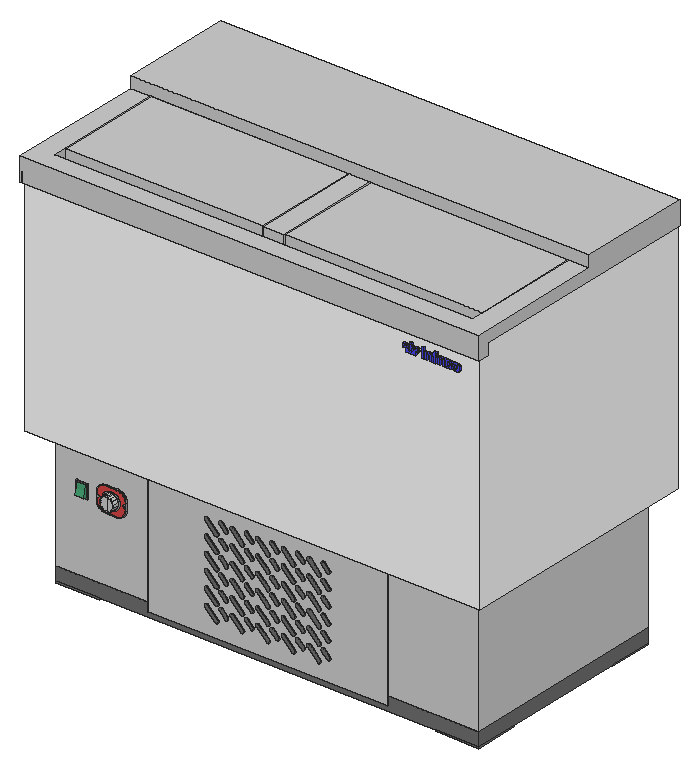
Revit family "QF_INFRICO_EFP1000EG_250807015635", category Specialty Equipment, Revit 2021
Family settings
  Round Connector Dimension = Use Diameter
  Part Type = Normal
  OmniClass Number = 23.40.40.14
  OmniClass Title = Food Service Equipment
  Work Plane-Based = No
  Always vertical = Yes
  Cut with Voids When Loaded = No
  Shared = No
  Room Calculation Point = No
Parameters (values of type "EFP1000EG")
  Weight [instance] = 53.00 kg
  Waste Water Discharge Temperature [instance] = 0 °C
  Waste Remarks [instance] = ""
  Warranty Start Date [instance] = ""
  Warranty Duration [instance] = ""
  Volts [instance] = 230 V
  Volt Free Conn [instance] = no
  URL Recommended Spares List [instance] = ""
  URL Manufacturer [instance] = ""
  URL Cutsheet [instance] = ""
  URL Critical Spares List [instance] = ""
  URL = "www.infrico.com"
  Technical Documentation [instance] = ""
  Tag Number [instance] = ""
  Status [instance] = ""
  Start Up Current [instance] = 0 A
  Specification by User [instance] = ""
  Specification by Manufacturer [instance] = ""
  Sound Level [instance] = ""
  Show Logo [instance] = yes
  Show Clearances [instance] = yes
  Service Life Duration [instance] = ""
  Serial Number [instance] = ""
  Seismic Rating [instance] = ""
  SMACNA No [instance] = ""
  Revision Code [instance] = ""
  Revision [instance] = ""
  Production Year [instance] = ""
  Potential Equalisation [instance] = no
  Point Load [instance] = 0
  Plumbing Connection Type [instance] = ""
  Phase [instance] = 1
  Other Equipment Approvals [instance] = ""
  Operational Current [instance] = 0 A
  Number of Poles [instance] = 2
  No Load Power Draw [instance] = no
  NAFEM Spec ID Number [instance] = ""
  Model Warning [instance] = ""
  Model = "EFP1000EG"
  Min Ckt Ampacity [instance] = 0 A
  Max Overcurrent Protection [instance] = 0 A
  Masterspec [instance] = ""
  Manufacturer = "INFRICO"
  Main switch integrated [instance] = no
  Length Actual [instance] = 1004 mm
  Item Number [instance] = ""
  Installed By [instance] = ""
  Installation Date [instance] = ""
  Indirect Waste Size [instance] = 19.05 mm
  Indirect Waste Remarks [instance] = ""
  Indirect Waste Flow [instance] = 0.0 L/s
  Indirect Waste Connection Type [instance] = ""
  Indirect Waste Connection Height [instance] = 0 mm
  Identify Quantity as Lot [instance] = no
  ID [instance] = ""
  Hygiene Approval [instance] = ""
  Height Actual [instance] = 880 mm
  HP power [instance] = ""
  Furnished By [instance] = ""
  Foodservice Equipment Identifier [instance] = no
  FL Amps [instance] = 0 A
  Electrical Remarks [instance] = ""
  Electric power [instance] = 90 W
  Electric Connection Type [instance] = ""
  Elec Conn RI Height [instance] = 0 mm
  Elec Conn Connection Height [instance] = 0 mm
  ETL Approved [instance] = no
  Direct Waste Water Discharge Temperature [instance] = -273.15 °C
  Direct Waste Size [instance] = 19.05 mm
  Direct Waste RI Height [instance] = 0 mm
  Direct Waste Flow [instance] = 0.0 L/s
  Direct Waste Connection Height [instance] = 0 mm
  Description = "CHEST BOTTLE COOLER FLAT BOTTOM - PRE PAINTED STEEL - TWO DOORS - R600A"
  Depth Actual [instance] = 550 mm
  Default Elevation = 0 mm
  Cycle [instance] = 50 Hz
  Cost = 0
  Connection to energy optimisation system [instance] = yes
  Conn Plug [instance] = ""
  Conn Conduit [instance] = no
  Centralized building control system with digital interface [instance] = ""
  CSI MasterFormat [instance] = ""
  CE Approved [instance] = no
  Barcode [instance] = 0
  Author [instance] = ""
  Asset Identifier [instance] = ""
  Apparent Power [instance] = 90 VA
  Accessory [instance] = no
Reference planes
  plane 1 "Center (Front/Back)": y = 0
  plane 2: z = 0
  plane 3 "Center (Left/Right)": x = 0
Forms (mm)
  Extrusion 1, solid, not visible
    sketch origin (94.005, -271.013, 296.014) x (1, 0, 0) y (0, 1, 0)
      loop
        line (-2, 2) -> (-2, -2) -> (2, -2) -> (2, 2) -> (-2, 2)
    from -2 to 2
  Extrusion 2, solid, not visible
    sketch origin (844.041, -38.002, 72.004) x (1, 0, 0) y (0, 1, 0)
      loop
        line (-2, 2) -> (-2, -2) -> (2, -2) -> (2, 2) -> (-2, 2)
    from -2 to 2
Dimensions and locks
  locked: nested 2 to Extrusion 1 at 2  (x2)
  locked: nested 3 to Extrusion 2 at 2  (x2)
  aligned and locked: level to plane 2
Nested families
  nested 1: "QF_INFRICO_EFP1000EG_2920" at (0, 0, 0), type "EFP1000EG"
    with Weight 53.00 kg, Warranty Start Date "", Warranty Duration "", URL Cutsheet "", Technical Documentation "", Tag Number "", Status "", Specification by User "", Specification by Manufacturer "", Sound Level "", Solid Fuel Type "", Show Logo yes, Show Clearances yes, Show Clearance yes, Service Life Duration "", Serial Number "", Seismic Rating "", SMACNA No "", Revision Code "", Revision "", Production Year "", Point Load 0, Other Equipment Approvals "", NAFEM Spec ID Number "", Model Warning "", Masterspec "", Length Actual 1004 mm, Item Number "", Installed By "", Installation Date "", Identify Quantity as Lot yes, ID "", Hygiene Approval "", Height Actual 880 mm, Furnished By "", Foodservice Equipment Identifier yes, Finish none, ETL Approved yes, Depth Actual 550 mm, CSI MasterFormat "", CE Approved no, Barcode "", Author "", Asset Identifier "", Accessory no
  nested 2: "CONN_POINT_DRAIN_2D___Generic_Annotation" at (94.005, -271.013, 294.014), type "CONN_POINT_DRAIN_2D___Generic_Annotation"
    with Onboard connection annotation symbol visibility yes
  nested 3: "CONN_POINT_ELE_2D___Generic_Annotation" at (844.041, -38.002, 70.003), type "CONN_POINT_ELE_2D___Generic_Annotation"
    with Onboard connection annotation symbol visibility yes
Connectors
  piping at (94.005, -271.013, 294.014), diameter 19.05, driven by "Indirect Waste Size", driven by "Direct Waste Flow"
    settings: on Extrusion 1, index 1, connector inside diameter 609.6 mm, connector length 0 mm, flow factor 0, pipe flow 0.0 L/s, pressure drop 0.0 Pa, fitting loss kfactor 0, connector angle 0.00°, fixture units 0, engagement length 0 mm, angle of deflection 0.00°, flow configuration 1, flow direction 2, fitting loss method 0, system type 16, joint type 0, gender type 0, connector reference index -1, connector utility 0, adjustable connector no, is connector primary yes, connector description "Waste connection for EFP1000EG"
  electrical at (844.041, -38.002, 70.003), driven by "Apparent Power", driven by "Number of Poles", driven by "Volts"
    settings: on Extrusion 2, index 2, voltage 230 V, apparent load 0 VA, apparent load phase1 90 VA, apparent load phase2 0 VA, apparent load phase3 0 VA, power factor 1, load classification "Other", number of poles 2, system type 31, power factor state 1, is connector primary yes, connector utility no, sub classification motor no, connector description "Electrical connection for EFP1000EG"
Definition of nested family "QF_INFRICO_EFP1000EG_2920"
  Parameters (values of type "EFP1000EG")
    Weight [instance] = 0.00 kg
    Warranty Start Date [instance] = ""
    Warranty Duration [instance] = ""
    URL Cutsheet [instance] = ""
    URL = "www.infrico.com"
    Technical Documentation [instance] = ""
    Tag Number [instance] = ""
    Status [instance] = ""
    Specification by User [instance] = ""
    Specification by Manufacturer [instance] = ""
    Sound Level [instance] = ""
    Solid Fuel Type [instance] = ""
    Show Logo [instance] = yes
    Show Clearances [instance] = yes
    Show Clearance [instance] = yes
    Service Life Duration [instance] = ""
    Serial Number [instance] = ""
    Seismic Rating [instance] = ""
    SMACNA No [instance] = ""
    Revision Code [instance] = ""
    Revision [instance] = ""
    Production Year [instance] = ""
    Point Load [instance] = 0
    Other Equipment Approvals [instance] = ""
    NAFEM Spec ID Number [instance] = ""
    Model Warning [instance] = ""
    Model = "EFP1000EG"
    Masterspec [instance] = ""
    Manufacturer = "INFRICO"
    Length Actual [instance] = 0 mm
    Item Number [instance] = ""
    Installed By [instance] = ""
    Installation Date [instance] = ""
    Identify Quantity as Lot [instance] = yes
    ID [instance] = ""
    Hygiene Approval [instance] = ""
    Height Actual [instance] = 0 mm
    Furnished By [instance] = ""
    Foodservice Equipment Identifier [instance] = yes
    Finish [instance] = none
    ETL Approved [instance] = yes
    Description = "CHEST BOTTLE COOLER FLAT BOTTOM - PRE PAINTED STEEL - TWO DOORS - R600A"
    Depth Actual [instance] = 0 mm
    Default Elevation = 0 mm
    CSI MasterFormat [instance] = ""
    CE Approved [instance] = yes
    Barcode [instance] = ""
    Author [instance] = ""
    Asset Identifier [instance] = ""
    Assembly Code = "E1090320"
    Accessory [instance] = yes
  Reference planes
    plane 1 "Back": y = 0
    plane 2: z = 0
    plane 3 "Left": x = 0
    plane 4 "Right": x = 1004
    plane 5 "Front": y = -550
    plane 6 "Top": z = 880
  Forms (mm)
    Extrusion 1, solid
      sketch origin (0, 0, 0) x (0, 1, 0) y (0, 0, 1)
        loop
          line (0, 880) -> (-247, 880) -> (-247, 855) -> (0, 855) -> (0, 880)
      from 0 to 1004
    Extrusion 2, solid
      sketch origin (0, 0, 0) x (1, 0, 0) y (0, 0, 1)
        loop
          line (44, 855) -> (0, 855) -> (0, 830) -> (3, 830) -> (3, 836) -> (44, 836) -> (44, 855)
      from 0 to 510
    Extrusion 3, solid
      sketch origin (1004, 0, 0) x (-1, 0, 0) y (0, 0, -1)
        loop
          line (44, -855) -> (44, -836) -> (3, -836) -> (3, -830) -> (0, -830) -> (0, -855) -> (44, -855)
      from 0 to 510
    Extrusion 4, solid
      sketch origin (0, 0, 0) x (0, 1, 0) y (0, 0, 1)
        loop
          line (-510, 830) -> (-510, 855) -> (-550, 855) -> (-550, 830) -> (-510, 830)
      from 0 to 1004
    Extrusion 5, solid
      sketch origin (2, 0, 0) x (0, 1, 0) y (0, 0, 1)
        loop
          line (-247, 855) -> (-482, 855) -> (-482, 830) -> (-247, 830) -> (-247, 855)
      from 44 to 475
    Extrusion 6, solid
      sketch origin (0, 0, 0) x (0, 1, 0) y (0, 0, 1)
        loop
          line (0, 855) -> (-44, 855) -> (-44, 830) -> (0, 830) -> (0, 855)
      from 44 to 960
    Extrusion 7, solid
      sketch origin (0, 0, 0) x (1, 0, 0) y (0, 0, 1)
        loop
          line (3, 830) -> (44, 830) -> (44, 836) -> (3, 836) -> (3, 830)
      from 0 to 44
    Extrusion 8, solid
      sketch origin (957, 0, 0) x (1, 0, 0) y (0, 0, 1)
        loop
          line (3, 830) -> (44, 830) -> (44, 836) -> (3, 836) -> (3, 830)
      from 0 to 44
    Extrusion 9, solid
      sketch origin (3, 0, 0) x (0, 1, 0) y (0, 0, 1)
        loop
          line (-542, 830) -> (-542, 313) -> (-504, 313) -> (-504, 830) -> (-542, 830)
      from 0 to 998
    Extrusion 10, solid
      sketch origin (3, 0, 0) x (0, 1, 0) y (0, 0, 1)
        loop
          line (-504, 313) -> (0, 313) -> (0, 830) -> (-504, 830) -> (-504, 313)
      from 0 to 998
    Extrusion 11, solid
      sketch origin (39, 4, 0) x (0, 1, 0) y (0, 0, 1)
        loop
          line (-42, 313) -> (-504, 313) -> (-504, 43) -> (-42, 43) -> (-42, 313)
      from 0 to 200
    Extrusion 12, solid
      sketch origin (765, 4, 0) x (0, 1, 0) y (0, 0, 1)
        loop
          line (-42, 313) -> (-504, 313) -> (-504, 43) -> (-42, 43) -> (-42, 313)
      from 0 to 200
    Extrusion 13, solid
      sketch origin (0, 4, 0) x (1, 0, 0) y (0, 0, 1)
        loop
          line (239, 313) -> (239, 23) -> (765, 23) -> (765, 313) -> (239, 313)
      from 42 to 52
    Extrusion 14, solid
      sketch origin (0, -448, 0) x (1, 0, 0) y (0, 0, 1)
        loop
          line (239, 313) -> (239, 23) -> (765, 23) -> (765, 313) -> (239, 313)
      from 42 to 52
    Extrusion 15, solid
      sketch origin (-961, 4, 13) x (1, 0, 0) y (0, 1, 0)
        loop
          line (1000, -42) -> (1000, -504) -> (1200, -504) -> (1200, -474) -> (1030, -474) -> (1030, -72) -> (1200, -72) -> (1200, -42) -> (1000, -42)
      from 0 to 30
    Extrusion 16, solid
      sketch origin (1965, 4, 13) x (-1, 0, 0) y (0, -1, 0)
        loop
          line (1000, 42) -> (1200, 42) -> (1200, 72) -> (1030, 72) -> (1030, 474) -> (1200, 474) -> (1200, 504) -> (1000, 504) -> (1000, 42)
      from 0 to 30
    Extrusion 17, solid
      sketch origin (-1000, 4, 0) x (1, 0, 0) y (0, 1, 0)
        loop
          line (1239, -504) -> (1765, -504) -> (1765, -494) -> (1239, -494) -> (1239, -504)
      from 13 to 23
    Extrusion 18, solid
      sketch origin (-1000, 456, 0) x (1, 0, 0) y (0, 1, 0)
        loop
          line (1239, -504) -> (1765, -504) -> (1765, -494) -> (1239, -494) -> (1239, -504)
      from 13 to 23
    Extrusion 19, solid
      sketch origin (-1000, 4, 0) x (1, 0, 0) y (0, 1, 0)
        loop
          line (1239, -72) -> (1765, -72) -> (1765, -52) -> (1239, -52) -> (1239, -72)
      from 13 to 43
    Extrusion 20, solid
      sketch origin (-1000, -418, 0) x (1, 0, 0) y (0, 1, 0)
        loop
          line (1239, -72) -> (1765, -72) -> (1765, -52) -> (1239, -52) -> (1239, -72)
      from 13 to 43
    Extrusion 21, solid
      sketch origin (39, 4, 10) x (1, 0, 0) y (0, 1, 0)
        loop
          line (0, -42) -> (0, -137) -> (95, -42) -> (0, -42)
      from 0 to 3
    Extrusion 22, solid
      sketch origin (965, 4, 10) x (-1, 0, 0) y (0, -1, 0)
        loop
          line (0, 42) -> (95, 42) -> (0, 137) -> (0, 42)
      from 0 to 3
    Extrusion 23, solid
      sketch origin (39, -542, 10) x (1, 0, 0) y (0, 1, 0)
        loop
          line (0, 42) -> (95, 42) -> (0, 137) -> (0, 42)
      from 0 to 3
    Extrusion 24, solid
      sketch origin (965, -542, 10) x (-1, 0, 0) y (0, -1, 0)
        loop
          line (0, -42) -> (0, -137) -> (95, -42) -> (0, -42)
      from 0 to 3
    Revolve 25, solid
      sketch origin (67, 4, 0) x (0, 1, 0) y (0, 0, 1)
        loop
          line (-70, 0) -> (-66, 0)
          arc (-66, 0) -> (-56.372, 2.368) -> (-49, 9) r 20.382
          arc (-49, 9) -> (-48.132, 9.763) -> (-47, 10) r 2.271
          line (-47, 10) -> (-70, 10) -> (-70, 0)
        axis (-70, 0) -> (-70, 10)
      angle from 0 to 360
    Revolve 26, solid
      sketch origin (937, 4, 0) x (0, 1, 0) y (0, 0, -1)
        loop
          line (-70, 0) -> (-70, -10) -> (-47, -10)
          arc (-47, -10) -> (-48.132, -9.763) -> (-49, -9) r 2.271
          arc (-49, -9) -> (-56.372, -2.368) -> (-66, 0) r 20.382
          line (-66, 0) -> (-70, 0)
        axis (-70, 0) -> (-70, -10)
      angle from 0 to 360
    Revolve 27, solid
      sketch origin (67, -402, 0) x (0, 1, 0) y (0, 0, 1)
        loop
          line (-70, 0) -> (-66, 0)
          arc (-66, 0) -> (-56.372, 2.368) -> (-49, 9) r 20.382
          arc (-49, 9) -> (-48.132, 9.763) -> (-47, 10) r 2.271
          line (-47, 10) -> (-70, 10) -> (-70, 0)
        axis (-70, 0) -> (-70, 10)
      angle from 0 to 360
    Revolve 28, solid
      sketch origin (937, -402, 0) x (0, 1, 0) y (0, 0, -1)
        loop
          line (-70, 0) -> (-70, -10) -> (-47, -10)
          arc (-47, -10) -> (-48.132, -9.763) -> (-49, -9) r 2.271
          arc (-49, -9) -> (-56.372, -2.368) -> (-66, 0) r 20.382
          line (-66, 0) -> (-70, 0)
        axis (-70, 0) -> (-70, -10)
      angle from 0 to 360
    Extrusion 29, solid, visible <- "Show Logo"
      sketch origin (-329.318, -542, 67.214) x (1, 0, 0) y (0, 0, 1)
        loop
          line (1208.799, 696.53) -> (1208.799, 719.204) -> (1204.173, 719.204) -> (1204.173, 696.53) -> (1208.799, 696.53)
        loop
          line (1214.779, 713.006) -> (1211.283, 713.006) -> (1211.283, 696.53) -> (1215.772, 696.53) -> (1215.772, 707.832)
          arc (1215.772, 707.832) -> (1217.528, 708.741) -> (1219.417, 709.324) r 11.052
          arc (1219.417, 709.324) -> (1220.929, 708.961) -> (1221.598, 707.557) r 1.806
          line (1221.598, 707.557) -> (1221.598, 696.53) -> (1226.121, 696.53) -> (1226.121, 708.689)
          arc (1226.121, 708.689) -> (1224.637, 712.075) -> (1221.141, 713.281) r 4.607
          arc (1221.141, 713.281) -> (1218.282, 712.674) -> (1215.669, 711.361) r 11.435
          line (1215.669, 711.361) -> (1215.601, 712.184)
          arc (1215.601, 712.184) -> (1215.36, 712.765) -> (1214.779, 713.006) r 0.822
        loop
          line (1238.557, 720.102) -> (1237.306, 720.102)
          arc (1237.306, 720.102) -> (1235.052, 719.926) -> (1232.881, 719.297) r 11.103
          arc (1232.881, 719.297) -> (1230.805, 717.616) -> (1230.024, 715.062) r 4.567
          line (1230.024, 715.062) -> (1230.024, 712.909) -> (1227.351, 712.703) -> (1227.351, 709.374) -> (1230.024, 709.374) -> (1230.024, 696.53) -> (1234.547, 696.53) -> (1234.547, 709.374) -> (1238.249, 709.374) -> (1238.249, 712.938) -> (1234.547, 712.938) -> (1234.547, 714.548)
          arc (1234.547, 714.548) -> (1234.956, 715.705) -> (1236.045, 716.271) r 1.67
          line (1236.045, 716.271) -> (1237.7, 716.399)
          arc (1237.7, 716.399) -> (1238.306, 716.65) -> (1238.557, 717.255) r 0.857
          line (1238.557, 717.255) -> (1238.557, 720.102)
        loop
          line (1239.479, 713.006) -> (1239.479, 696.53) -> (1243.968, 696.53) -> (1243.968, 707.352)
          arc (1243.968, 707.352) -> (1245.873, 708.631) -> (1248.077, 709.268) r 7.435
          line (1248.077, 709.268) -> (1249.241, 709.416)
          arc (1249.241, 709.416) -> (1249.643, 709.758) -> (1249.793, 710.265) r 0.928
          line (1249.793, 710.265) -> (1249.793, 712.458)
          arc (1249.793, 712.458) -> (1249.531, 713.061) -> (1248.912, 713.28) r 0.824
          arc (1248.912, 713.28) -> (1246.197, 712.588) -> (1243.899, 710.984) r 7.833
          line (1243.899, 710.984) -> (1243.726, 713.006) -> (1239.479, 713.006)
        loop
          line (1255.495, 696.53) -> (1255.495, 713.006) -> (1251.006, 713.006) -> (1251.006, 696.53) -> (1255.495, 696.53)
        loop
          arc (1257.421, 701.327) -> (1258.567, 698.188) -> (1261.466, 696.525) r 4.873
          arc (1261.466, 696.525) -> (1264.493, 696.266) -> (1267.521, 696.525) r 17.816
          arc (1267.521, 696.525) -> (1270.575, 699.134) -> (1271.505, 703.041) r 6.481
          line (1271.505, 703.041) -> (1267.187, 703.041) -> (1267.187, 701.67)
          arc (1267.187, 701.67) -> (1266.64, 700.452) -> (1265.442, 699.865) r 1.965
          arc (1265.442, 699.865) -> (1264.547, 699.816) -> (1263.653, 699.865) r 8.196
          arc (1263.653, 699.865) -> (1262.417, 700.415) -> (1261.91, 701.67) r 1.806
          line (1261.91, 701.67) -> (1261.91, 707.9)
          arc (1261.91, 707.9) -> (1262.417, 709.155) -> (1263.653, 709.705) r 1.806
          arc (1263.653, 709.705) -> (1264.547, 709.754) -> (1265.442, 709.705) r 8.196
          arc (1265.442, 709.705) -> (1266.64, 709.118) -> (1267.187, 707.9) r 1.965
          line (1267.187, 707.9) -> (1267.187, 706.838) -> (1271.505, 706.838)
          arc (1271.505, 706.838) -> (1270.524, 710.556) -> (1267.521, 712.959) r 6.132
          arc (1267.521, 712.959) -> (1264.493, 713.294) -> (1261.466, 712.959) r 13.851
          arc (1261.466, 712.959) -> (1258.571, 711.349) -> (1257.421, 708.243) r 4.772
          line (1257.421, 708.243) -> (1257.421, 701.327)
        loop
          arc (1272.916, 701.329) -> (1273.993, 698.345) -> (1276.726, 696.734) r 4.676
          arc (1276.726, 696.734) -> (1278.515, 696.455) -> (1280.318, 696.291) r 28.371
          arc (1280.318, 696.291) -> (1282.122, 696.455) -> (1283.911, 696.734) r 28.371
          arc (1283.911, 696.734) -> (1286.644, 698.345) -> (1287.72, 701.329) r 4.676
          line (1287.72, 701.329) -> (1287.72, 708.242)
          arc (1287.72, 708.242) -> (1286.644, 711.226) -> (1283.911, 712.837) r 4.676
          arc (1283.911, 712.837) -> (1282.122, 713.116) -> (1280.318, 713.28) r 28.371
          arc (1280.318, 713.28) -> (1278.515, 713.116) -> (1276.726, 712.837) r 28.371
          arc (1276.726, 712.837) -> (1273.993, 711.226) -> (1272.916, 708.242) r 4.676
          line (1272.916, 708.242) -> (1272.916, 701.329)
        loop
          line (1277.405, 707.866) -> (1277.405, 701.705)
          arc (1277.405, 701.705) -> (1277.844, 700.556) -> (1278.936, 699.991) r 1.725
          arc (1278.936, 699.991) -> (1279.627, 699.918) -> (1280.318, 699.856) r 46.133
          arc (1280.318, 699.856) -> (1281.01, 699.918) -> (1281.701, 699.991) r 46.133
          arc (1281.701, 699.991) -> (1282.793, 700.556) -> (1283.231, 701.705) r 1.725
          line (1283.231, 701.705) -> (1283.231, 707.866)
          arc (1283.231, 707.866) -> (1282.793, 709.015) -> (1281.701, 709.58) r 1.725
          arc (1281.701, 709.58) -> (1281.01, 709.653) -> (1280.318, 709.716) r 46.133
          arc (1280.318, 709.716) -> (1279.627, 709.653) -> (1278.936, 709.58) r 46.133
          arc (1278.936, 709.58) -> (1277.844, 709.015) -> (1277.405, 707.866) r 1.725
        loop
          arc (1190.339, 696.543) -> (1191.411, 696.987) -> (1191.856, 698.059) r 1.516
          line (1191.856, 698.059) -> (1191.856, 703.891) -> (1196.035, 703.891)
          arc (1196.035, 703.891) -> (1196.79, 704.121) -> (1197.218, 704.782) r 1.147
          line (1197.218, 704.782) -> (1197.218, 706.211)
          arc (1197.218, 706.211) -> (1196.787, 707.258) -> (1195.719, 707.634) r 1.385
          line (1195.719, 707.634) -> (1194.52, 707.634) -> (1197.218, 710.332)
          arc (1197.218, 710.332) -> (1197.605, 711.266) -> (1197.218, 712.2) r 1.321
          line (1197.218, 712.2) -> (1196.495, 712.923)
          arc (1196.495, 712.923) -> (1195.54, 713.338) -> (1194.558, 712.991) r 1.422
          line (1194.558, 712.991) -> (1191.853, 710.286) -> (1191.853, 711.479)
          arc (1191.853, 711.479) -> (1191.443, 712.516) -> (1190.435, 712.992) r 1.516
          line (1190.435, 712.992) -> (1189.514, 712.992)
          arc (1189.514, 712.992) -> (1188.511, 712.514) -> (1188.103, 711.479) r 1.516
          line (1188.103, 711.479) -> (1188.103, 706.83) -> (1182.073, 701.336) -> (1182.073, 707.509) -> (1185.639, 711.075)
          arc (1185.639, 711.075) -> (1186.053, 712.073) -> (1185.639, 713.071) r 1.412
          line (1185.639, 713.071) -> (1184.987, 713.723)
          arc (1184.987, 713.723) -> (1183.939, 714.141) -> (1182.915, 713.667) r 1.428
          line (1182.915, 713.667) -> (1182.073, 712.825) -> (1182.073, 717.784)
          arc (1182.073, 717.784) -> (1181.658, 718.787) -> (1180.655, 719.203) r 1.418
          line (1180.655, 719.203) -> (1179.726, 719.203)
          arc (1179.726, 719.203) -> (1178.723, 718.787) -> (1178.308, 717.784) r 1.418
          line (1178.308, 717.784) -> (1178.308, 712.825) -> (1177.466, 713.667)
          arc (1177.466, 713.667) -> (1176.442, 714.141) -> (1175.394, 713.723) r 1.428
          line (1175.394, 713.723) -> (1174.742, 713.071)
          arc (1174.742, 713.071) -> (1174.328, 712.073) -> (1174.742, 711.075) r 1.412
          line (1174.742, 711.075) -> (1178.308, 707.509) -> (1178.308, 701.336) -> (1172.278, 706.83) -> (1172.278, 711.479)
          arc (1172.278, 711.479) -> (1171.87, 712.514) -> (1170.867, 712.992) r 1.516
          line (1170.867, 712.992) -> (1169.946, 712.992)
          arc (1169.946, 712.992) -> (1168.938, 712.516) -> (1168.528, 711.479) r 1.516
          line (1168.528, 711.479) -> (1168.528, 710.286) -> (1165.823, 712.991)
          arc (1165.823, 712.991) -> (1164.841, 713.338) -> (1163.886, 712.923) r 1.422
          line (1163.886, 712.923) -> (1163.163, 712.2)
          arc (1163.163, 712.2) -> (1162.776, 711.266) -> (1163.163, 710.332) r 1.321
          line (1163.163, 710.332) -> (1165.861, 707.634) -> (1164.662, 707.634)
          arc (1164.662, 707.634) -> (1163.594, 707.258) -> (1163.163, 706.211) r 1.385
          line (1163.163, 706.211) -> (1163.163, 704.782)
          arc (1163.163, 704.782) -> (1163.591, 704.121) -> (1164.346, 703.891) r 1.147
          line (1164.346, 703.891) -> (1168.525, 703.891) -> (1168.525, 698.059)
          arc (1168.525, 698.059) -> (1168.969, 696.987) -> (1170.042, 696.543) r 1.516
          line (1170.042, 696.543) -> (1190.339, 696.543)
      from 0 to 2
    Extrusion 30, solid
      sketch origin (106, -500, 1257.457) x (0, -1, 0) y (0, 0, 1)
        loop
          line (0, -1056.457) -> (2, -1056.457)
          arc (2, -1056.457) -> (5.042, -1056.207) -> (8.002, -1055.466) r 18.678
          arc (8.002, -1055.466) -> (4.242, -1043.724) -> (3, -1031.457) r 59.104
          line (3, -1031.457) -> (0, -1031.457) -> (0, -1056.457)
      from 0 to 19
    Extrusion 31, solid
      sketch origin (106, -502, 1257.457) x (-1, 0, 0) y (0, 0, 1)
        loop
          line (22, -1028.457) -> (-3, -1028.457) -> (-3, -1059.457) -> (22, -1059.457) -> (22, -1028.457)
      from 0 to 2
    Extrusion 32, solid
      sketch origin (-20.187, -500, 114.047) x (1, 0, 0) y (0, 0, 1)
        loop
          line (169.187, 71.953) -> (194.187, 71.953)
          arc (194.187, 71.953) -> (208.329, 77.811) -> (214.187, 91.953) r 20
          line (214.187, 91.953) -> (214.187, 106.953)
          arc (214.187, 106.953) -> (208.329, 121.095) -> (194.187, 126.953) r 20
          line (194.187, 126.953) -> (169.187, 126.953)
          arc (169.187, 126.953) -> (155.045, 121.095) -> (149.187, 106.953) r 20
          line (149.187, 106.953) -> (149.187, 91.953)
          arc (149.187, 91.953) -> (155.045, 77.811) -> (169.187, 71.953) r 20
      from 0 to 2
    Extrusion 33, solid
      sketch origin (-20.187, -500.1, 114.047) x (1, 0, 0) y (0, 0, 1)
        loop
          arc (169.187, 124.953) -> (156.459, 119.681) -> (151.187, 106.953) r 18
          line (151.187, 106.953) -> (151.187, 103.953)
          arc (151.187, 103.953) -> (155.687, 99.453) -> (151.187, 94.953) r 4.5
          line (151.187, 94.953) -> (151.187, 91.953)
          arc (151.187, 91.953) -> (156.459, 79.225) -> (169.187, 73.953) r 18
          line (169.187, 73.953) -> (194.187, 73.953)
          arc (194.187, 73.953) -> (206.915, 79.225) -> (212.187, 91.953) r 18
          line (212.187, 91.953) -> (212.187, 94.953)
          arc (212.187, 94.953) -> (207.687, 99.453) -> (212.187, 103.953) r 4.5
          line (212.187, 103.953) -> (212.187, 106.953)
          arc (212.187, 106.953) -> (206.915, 119.681) -> (194.187, 124.953) r 18
          line (194.187, 124.953) -> (169.187, 124.953)
        loop
          circle (181.687, 99.453) r 20
      from 0 to 2
    Revolve 34, solid
      sketch origin (161.5, 4, 91.547) x (0, 1, 0) y (0, 0, 1)
        loop
          line (-506, 126.953) -> (-508, 126.953) -> (-508, 137.953) -> (-519, 135.953) -> (-519, 121.953) -> (-506, 121.953) -> (-506, 126.953)
        axis (-506, 121.953) -> (-519, 121.953)
      angle from 0 to 360
    Extrusion 35, solid
      sketch origin (-13.5, 4, 14.5) x (1, 0, 0) y (0, 0, 1)
        loop
          arc (172.5, 212.775) -> (175, 213) -> (177.5, 212.775) r 14
          line (177.5, 212.775) -> (177.5, 214.803)
          arc (177.5, 214.803) -> (175, 215) -> (172.5, 214.803) r 16
          line (172.5, 214.803) -> (172.5, 212.775)
        loop
          line (172.5, 185.225) -> (172.5, 183.197)
          arc (172.5, 183.197) -> (175, 183) -> (177.5, 183.197) r 16
          line (177.5, 183.197) -> (177.5, 185.225)
          arc (177.5, 185.225) -> (175, 185) -> (172.5, 185.225) r 14
        loop
          arc (161.225, 196.5) -> (161, 199) -> (161.225, 201.5) r 14
          line (161.225, 201.5) -> (159.197, 201.5)
          arc (159.197, 201.5) -> (159, 199) -> (159.197, 196.5) r 16
          line (159.197, 196.5) -> (161.225, 196.5)
        loop
          line (188.775, 196.5) -> (190.803, 196.5)
          arc (190.803, 196.5) -> (191, 199) -> (190.803, 201.5) r 16
          line (190.803, 201.5) -> (188.775, 201.5)
          arc (188.775, 201.5) -> (189, 199) -> (188.775, 196.5) r 14
        loop
          arc (182.973, 210.508) -> (184.899, 208.899) -> (186.508, 206.973) r 14
          line (186.508, 206.973) -> (187.943, 208.407)
          arc (187.943, 208.407) -> (186.314, 210.314) -> (184.407, 211.943) r 16
          line (184.407, 211.943) -> (182.973, 210.508)
        loop
          line (163.492, 191.027) -> (162.057, 189.593)
          arc (162.057, 189.593) -> (163.686, 187.686) -> (165.593, 186.057) r 16
          line (165.593, 186.057) -> (167.027, 187.492)
          arc (167.027, 187.492) -> (165.101, 189.101) -> (163.492, 191.027) r 14
        loop
          arc (163.492, 206.973) -> (165.101, 208.899) -> (167.027, 210.508) r 14
          line (167.027, 210.508) -> (165.593, 211.943)
          arc (165.593, 211.943) -> (163.686, 210.314) -> (162.057, 208.407) r 16
          line (162.057, 208.407) -> (163.492, 206.973)
        loop
          line (182.973, 187.492) -> (184.407, 186.057)
          arc (184.407, 186.057) -> (186.314, 187.686) -> (187.943, 189.593) r 16
          line (187.943, 189.593) -> (186.508, 191.027)
          arc (186.508, 191.027) -> (184.899, 189.101) -> (182.973, 187.492) r 14
      from 508 to 519
    Extrusion 36, solid
      sketch origin (1813.844, -500.1, 72.143) x (-1, 0, 0) y (0, 0, 1)
        loop
          line (1426.444, -17.063) -> (1448.365, 4.857)
          arc (1448.365, 4.857) -> (1448.365, 11.221) -> (1442.001, 11.221) r 4.5
          line (1442.001, 11.221) -> (1420.08, -10.699)
          arc (1420.08, -10.699) -> (1420.08, -17.063) -> (1426.444, -17.063) r 4.5
        loop
          line (1405.687, -4.093) -> (1417.001, 7.221)
          arc (1417.001, 7.221) -> (1417.001, 13.585) -> (1410.637, 13.585) r 4.5
          line (1410.637, 13.585) -> (1399.323, 2.271)
          arc (1399.323, 2.271) -> (1399.323, -4.093) -> (1405.687, -4.093) r 4.5
        loop
          line (1426.444, 16.937) -> (1448.365, 38.857)
          arc (1448.365, 38.857) -> (1448.365, 45.221) -> (1442.001, 45.221) r 4.5
          line (1442.001, 45.221) -> (1420.08, 23.301)
          arc (1420.08, 23.301) -> (1420.08, 16.937) -> (1426.444, 16.937) r 4.5
        loop
          line (1405.687, 29.907) -> (1417.001, 41.221)
          arc (1417.001, 41.221) -> (1417.001, 47.585) -> (1410.637, 47.585) r 4.5
          line (1410.637, 47.585) -> (1399.323, 36.271)
          arc (1399.323, 36.271) -> (1399.323, 29.907) -> (1405.687, 29.907) r 4.5
        loop
          line (1426.444, 50.937) -> (1448.365, 72.857)
          arc (1448.365, 72.857) -> (1448.365, 79.221) -> (1442.001, 79.221) r 4.5
          line (1442.001, 79.221) -> (1420.08, 57.301)
          arc (1420.08, 57.301) -> (1420.08, 50.937) -> (1426.444, 50.937) r 4.5
        loop
          line (1405.687, 63.907) -> (1417.001, 75.221)
          arc (1417.001, 75.221) -> (1417.001, 81.585) -> (1410.637, 81.585) r 4.5
          line (1410.637, 81.585) -> (1399.323, 70.271)
          arc (1399.323, 70.271) -> (1399.323, 63.907) -> (1405.687, 63.907) r 4.5
        loop
          line (1426.444, 84.937) -> (1448.365, 106.857)
          arc (1448.365, 106.857) -> (1448.365, 113.221) -> (1442.001, 113.221) r 4.5
          line (1442.001, 113.221) -> (1420.08, 91.301)
          arc (1420.08, 91.301) -> (1420.08, 84.937) -> (1426.444, 84.937) r 4.5
        loop
          line (1405.687, 97.907) -> (1417.001, 109.221)
          arc (1417.001, 109.221) -> (1417.001, 115.585) -> (1410.637, 115.585) r 4.5
          line (1410.637, 115.585) -> (1399.323, 104.271)
          arc (1399.323, 104.271) -> (1399.323, 97.907) -> (1405.687, 97.907) r 4.5
        loop
          line (1426.444, 118.937) -> (1448.365, 140.857)
          arc (1448.365, 140.857) -> (1448.365, 147.221) -> (1442.001, 147.221) r 4.5
          line (1442.001, 147.221) -> (1420.08, 125.301)
          arc (1420.08, 125.301) -> (1420.08, 118.937) -> (1426.444, 118.937) r 4.5
        loop
          line (1405.687, 131.907) -> (1417.001, 143.221)
          arc (1417.001, 143.221) -> (1417.001, 149.585) -> (1410.637, 149.585) r 4.5
          line (1410.637, 149.585) -> (1399.323, 138.271)
          arc (1399.323, 138.271) -> (1399.323, 131.907) -> (1405.687, 131.907) r 4.5
        loop
          line (1426.444, 152.937) -> (1448.365, 174.857)
          arc (1448.365, 174.857) -> (1448.365, 181.221) -> (1442.001, 181.221) r 4.5
          line (1442.001, 181.221) -> (1420.08, 159.301)
          arc (1420.08, 159.301) -> (1420.08, 152.937) -> (1426.444, 152.937) r 4.5
        loop
          line (1405.687, 165.907) -> (1417.001, 177.221)
          arc (1417.001, 177.221) -> (1417.001, 183.585) -> (1410.637, 183.585) r 4.5
          line (1410.637, 183.585) -> (1399.323, 172.271)
          arc (1399.323, 172.271) -> (1399.323, 165.907) -> (1405.687, 165.907) r 4.5
        loop
          line (1370.444, -17.063) -> (1392.365, 4.857)
          arc (1392.365, 4.857) -> (1392.365, 11.221) -> (1386.001, 11.221) r 4.5
          line (1386.001, 11.221) -> (1364.08, -10.699)
          arc (1364.08, -10.699) -> (1364.08, -17.063) -> (1370.444, -17.063) r 4.5
        loop
          line (1349.687, -4.093) -> (1361.001, 7.221)
          arc (1361.001, 7.221) -> (1361.001, 13.585) -> (1354.637, 13.585) r 4.5
          line (1354.637, 13.585) -> (1343.323, 2.271)
          arc (1343.323, 2.271) -> (1343.323, -4.093) -> (1349.687, -4.093) r 4.5
        loop
          line (1370.444, 16.937) -> (1392.365, 38.857)
          arc (1392.365, 38.857) -> (1392.365, 45.221) -> (1386.001, 45.221) r 4.5
          line (1386.001, 45.221) -> (1364.08, 23.301)
          arc (1364.08, 23.301) -> (1364.08, 16.937) -> (1370.444, 16.937) r 4.5
        loop
          line (1349.687, 29.907) -> (1361.001, 41.221)
          arc (1361.001, 41.221) -> (1361.001, 47.585) -> (1354.637, 47.585) r 4.5
          line (1354.637, 47.585) -> (1343.323, 36.271)
          arc (1343.323, 36.271) -> (1343.323, 29.907) -> (1349.687, 29.907) r 4.5
        loop
          line (1370.444, 50.937) -> (1392.365, 72.857)
          arc (1392.365, 72.857) -> (1392.365, 79.221) -> (1386.001, 79.221) r 4.5
          line (1386.001, 79.221) -> (1364.08, 57.301)
          arc (1364.08, 57.301) -> (1364.08, 50.937) -> (1370.444, 50.937) r 4.5
        loop
          line (1349.687, 63.907) -> (1361.001, 75.221)
          arc (1361.001, 75.221) -> (1361.001, 81.585) -> (1354.637, 81.585) r 4.5
          line (1354.637, 81.585) -> (1343.323, 70.271)
          arc (1343.323, 70.271) -> (1343.323, 63.907) -> (1349.687, 63.907) r 4.5
        loop
          line (1370.444, 84.937) -> (1392.365, 106.857)
          arc (1392.365, 106.857) -> (1392.365, 113.221) -> (1386.001, 113.221) r 4.5
          line (1386.001, 113.221) -> (1364.08, 91.301)
          arc (1364.08, 91.301) -> (1364.08, 84.937) -> (1370.444, 84.937) r 4.5
        loop
          line (1349.687, 97.907) -> (1361.001, 109.221)
          arc (1361.001, 109.221) -> (1361.001, 115.585) -> (1354.637, 115.585) r 4.5
          line (1354.637, 115.585) -> (1343.323, 104.271)
          arc (1343.323, 104.271) -> (1343.323, 97.907) -> (1349.687, 97.907) r 4.5
        loop
          line (1370.444, 118.937) -> (1392.365, 140.857)
          arc (1392.365, 140.857) -> (1392.365, 147.221) -> (1386.001, 147.221) r 4.5
          line (1386.001, 147.221) -> (1364.08, 125.301)
          arc (1364.08, 125.301) -> (1364.08, 118.937) -> (1370.444, 118.937) r 4.5
        loop
          line (1349.687, 131.907) -> (1361.001, 143.221)
          arc (1361.001, 143.221) -> (1361.001, 149.585) -> (1354.637, 149.585) r 4.5
          line (1354.637, 149.585) -> (1343.323, 138.271)
          arc (1343.323, 138.271) -> (1343.323, 131.907) -> (1349.687, 131.907) r 4.5
        loop
          line (1370.444, 152.937) -> (1392.365, 174.857)
          arc (1392.365, 174.857) -> (1392.365, 181.221) -> (1386.001, 181.221) r 4.5
          line (1386.001, 181.221) -> (1364.08, 159.301)
          arc (1364.08, 159.301) -> (1364.08, 152.937) -> (1370.444, 152.937) r 4.5
        loop
          line (1349.687, 165.907) -> (1361.001, 177.221)
          arc (1361.001, 177.221) -> (1361.001, 183.585) -> (1354.637, 183.585) r 4.5
          line (1354.637, 183.585) -> (1343.323, 172.271)
          arc (1343.323, 172.271) -> (1343.323, 165.907) -> (1349.687, 165.907) r 4.5
        loop
          line (1314.444, -17.063) -> (1336.365, 4.857)
          arc (1336.365, 4.857) -> (1336.365, 11.221) -> (1330.001, 11.221) r 4.5
          line (1330.001, 11.221) -> (1308.08, -10.699)
          arc (1308.08, -10.699) -> (1308.08, -17.063) -> (1314.444, -17.063) r 4.5
        loop
          line (1293.687, -4.093) -> (1305.001, 7.221)
          arc (1305.001, 7.221) -> (1305.001, 13.585) -> (1298.637, 13.585) r 4.5
          line (1298.637, 13.585) -> (1287.323, 2.271)
          arc (1287.323, 2.271) -> (1287.323, -4.093) -> (1293.687, -4.093) r 4.5
        loop
          line (1314.444, 16.937) -> (1336.365, 38.857)
          arc (1336.365, 38.857) -> (1336.365, 45.221) -> (1330.001, 45.221) r 4.5
          line (1330.001, 45.221) -> (1308.08, 23.301)
          arc (1308.08, 23.301) -> (1308.08, 16.937) -> (1314.444, 16.937) r 4.5
        loop
          line (1293.687, 29.907) -> (1305.001, 41.221)
          arc (1305.001, 41.221) -> (1305.001, 47.585) -> (1298.637, 47.585) r 4.5
          line (1298.637, 47.585) -> (1287.323, 36.271)
          arc (1287.323, 36.271) -> (1287.323, 29.907) -> (1293.687, 29.907) r 4.5
        loop
          line (1314.444, 50.937) -> (1336.365, 72.857)
          arc (1336.365, 72.857) -> (1336.365, 79.221) -> (1330.001, 79.221) r 4.5
          line (1330.001, 79.221) -> (1308.08, 57.301)
          arc (1308.08, 57.301) -> (1308.08, 50.937) -> (1314.444, 50.937) r 4.5
        loop
          line (1293.687, 63.907) -> (1305.001, 75.221)
          arc (1305.001, 75.221) -> (1305.001, 81.585) -> (1298.637, 81.585) r 4.5
          line (1298.637, 81.585) -> (1287.323, 70.271)
          arc (1287.323, 70.271) -> (1287.323, 63.907) -> (1293.687, 63.907) r 4.5
        loop
          line (1314.444, 84.937) -> (1336.365, 106.857)
          arc (1336.365, 106.857) -> (1336.365, 113.221) -> (1330.001, 113.221) r 4.5
          line (1330.001, 113.221) -> (1308.08, 91.301)
          arc (1308.08, 91.301) -> (1308.08, 84.937) -> (1314.444, 84.937) r 4.5
        loop
          line (1293.687, 97.907) -> (1305.001, 109.221)
          arc (1305.001, 109.221) -> (1305.001, 115.585) -> (1298.637, 115.585) r 4.5
          line (1298.637, 115.585) -> (1287.323, 104.271)
          arc (1287.323, 104.271) -> (1287.323, 97.907) -> (1293.687, 97.907) r 4.5
        loop
          line (1314.444, 118.937) -> (1336.365, 140.857)
          arc (1336.365, 140.857) -> (1336.365, 147.221) -> (1330.001, 147.221) r 4.5
          line (1330.001, 147.221) -> (1308.08, 125.301)
          arc (1308.08, 125.301) -> (1308.08, 118.937) -> (1314.444, 118.937) r 4.5
        loop
          line (1293.687, 131.907) -> (1305.001, 143.221)
          arc (1305.001, 143.221) -> (1305.001, 149.585) -> (1298.637, 149.585) r 4.5
          line (1298.637, 149.585) -> (1287.323, 138.271)
          arc (1287.323, 138.271) -> (1287.323, 131.907) -> (1293.687, 131.907) r 4.5
        loop
          line (1314.444, 152.937) -> (1336.365, 174.857)
          arc (1336.365, 174.857) -> (1336.365, 181.221) -> (1330.001, 181.221) r 4.5
          line (1330.001, 181.221) -> (1308.08, 159.301)
          arc (1308.08, 159.301) -> (1308.08, 152.937) -> (1314.444, 152.937) r 4.5
        loop
          line (1293.687, 165.907) -> (1305.001, 177.221)
          arc (1305.001, 177.221) -> (1305.001, 183.585) -> (1298.637, 183.585) r 4.5
          line (1298.637, 183.585) -> (1287.323, 172.271)
          arc (1287.323, 172.271) -> (1287.323, 165.907) -> (1293.687, 165.907) r 4.5
        loop
          line (1258.444, -17.063) -> (1280.365, 4.857)
          arc (1280.365, 4.857) -> (1280.365, 11.221) -> (1274.001, 11.221) r 4.5
          line (1274.001, 11.221) -> (1252.08, -10.699)
          arc (1252.08, -10.699) -> (1252.08, -17.063) -> (1258.444, -17.063) r 4.5
        loop
          line (1237.687, -4.093) -> (1249.001, 7.221)
          arc (1249.001, 7.221) -> (1249.001, 13.585) -> (1242.637, 13.585) r 4.5
          line (1242.637, 13.585) -> (1231.323, 2.271)
          arc (1231.323, 2.271) -> (1231.323, -4.093) -> (1237.687, -4.093) r 4.5
        loop
          line (1258.444, 16.937) -> (1280.365, 38.857)
          arc (1280.365, 38.857) -> (1280.365, 45.221) -> (1274.001, 45.221) r 4.5
          line (1274.001, 45.221) -> (1252.08, 23.301)
          arc (1252.08, 23.301) -> (1252.08, 16.937) -> (1258.444, 16.937) r 4.5
        loop
          line (1237.687, 29.907) -> (1249.001, 41.221)
          arc (1249.001, 41.221) -> (1249.001, 47.585) -> (1242.637, 47.585) r 4.5
          line (1242.637, 47.585) -> (1231.323, 36.271)
          arc (1231.323, 36.271) -> (1231.323, 29.907) -> (1237.687, 29.907) r 4.5
        loop
          line (1258.444, 50.937) -> (1280.365, 72.857)
          arc (1280.365, 72.857) -> (1280.365, 79.221) -> (1274.001, 79.221) r 4.5
          line (1274.001, 79.221) -> (1252.08, 57.301)
          arc (1252.08, 57.301) -> (1252.08, 50.937) -> (1258.444, 50.937) r 4.5
        loop
          line (1237.687, 63.907) -> (1249.001, 75.221)
          arc (1249.001, 75.221) -> (1249.001, 81.585) -> (1242.637, 81.585) r 4.5
          line (1242.637, 81.585) -> (1231.323, 70.271)
          arc (1231.323, 70.271) -> (1231.323, 63.907) -> (1237.687, 63.907) r 4.5
        loop
          line (1258.444, 84.937) -> (1280.365, 106.857)
          arc (1280.365, 106.857) -> (1280.365, 113.221) -> (1274.001, 113.221) r 4.5
          line (1274.001, 113.221) -> (1252.08, 91.301)
          arc (1252.08, 91.301) -> (1252.08, 84.937) -> (1258.444, 84.937) r 4.5
        loop
          line (1237.687, 97.907) -> (1249.001, 109.221)
          arc (1249.001, 109.221) -> (1249.001, 115.585) -> (1242.637, 115.585) r 4.5
          line (1242.637, 115.585) -> (1231.323, 104.271)
          arc (1231.323, 104.271) -> (1231.323, 97.907) -> (1237.687, 97.907) r 4.5
        loop
          line (1258.444, 118.937) -> (1280.365, 140.857)
          arc (1280.365, 140.857) -> (1280.365, 147.221) -> (1274.001, 147.221) r 4.5
          line (1274.001, 147.221) -> (1252.08, 125.301)
          arc (1252.08, 125.301) -> (1252.08, 118.937) -> (1258.444, 118.937) r 4.5
        loop
          line (1237.687, 131.907) -> (1249.001, 143.221)
          arc (1249.001, 143.221) -> (1249.001, 149.585) -> (1242.637, 149.585) r 4.5
          line (1242.637, 149.585) -> (1231.323, 138.271)
          arc (1231.323, 138.271) -> (1231.323, 131.907) -> (1237.687, 131.907) r 4.5
        loop
          line (1258.444, 152.937) -> (1280.365, 174.857)
          arc (1280.365, 174.857) -> (1280.365, 181.221) -> (1274.001, 181.221) r 4.5
          line (1274.001, 181.221) -> (1252.08, 159.301)
          arc (1252.08, 159.301) -> (1252.08, 152.937) -> (1258.444, 152.937) r 4.5
        loop
          line (1237.687, 165.907) -> (1249.001, 177.221)
          arc (1249.001, 177.221) -> (1249.001, 183.585) -> (1242.637, 183.585) r 4.5
          line (1242.637, 183.585) -> (1231.323, 172.271)
          arc (1231.323, 172.271) -> (1231.323, 165.907) -> (1237.687, 165.907) r 4.5
        loop
          line (1202.444, -17.063) -> (1224.365, 4.857)
          arc (1224.365, 4.857) -> (1224.365, 11.221) -> (1218.001, 11.221) r 4.5
          line (1218.001, 11.221) -> (1196.08, -10.699)
          arc (1196.08, -10.699) -> (1196.08, -17.063) -> (1202.444, -17.063) r 4.5
        loop
          line (1181.687, -4.093) -> (1193.001, 7.221)
          arc (1193.001, 7.221) -> (1193.001, 13.585) -> (1186.637, 13.585) r 4.5
          line (1186.637, 13.585) -> (1175.323, 2.271)
          arc (1175.323, 2.271) -> (1175.323, -4.093) -> (1181.687, -4.093) r 4.5
        loop
          line (1202.444, 16.937) -> (1224.365, 38.857)
          arc (1224.365, 38.857) -> (1224.365, 45.221) -> (1218.001, 45.221) r 4.5
          line (1218.001, 45.221) -> (1196.08, 23.301)
          arc (1196.08, 23.301) -> (1196.08, 16.937) -> (1202.444, 16.937) r 4.5
        loop
          line (1181.687, 29.907) -> (1193.001, 41.221)
          arc (1193.001, 41.221) -> (1193.001, 47.585) -> (1186.637, 47.585) r 4.5
          line (1186.637, 47.585) -> (1175.323, 36.271)
          arc (1175.323, 36.271) -> (1175.323, 29.907) -> (1181.687, 29.907) r 4.5
        loop
          line (1202.444, 50.937) -> (1224.365, 72.857)
          arc (1224.365, 72.857) -> (1224.365, 79.221) -> (1218.001, 79.221) r 4.5
          line (1218.001, 79.221) -> (1196.08, 57.301)
          arc (1196.08, 57.301) -> (1196.08, 50.937) -> (1202.444, 50.937) r 4.5
        loop
          line (1181.687, 63.907) -> (1193.001, 75.221)
          arc (1193.001, 75.221) -> (1193.001, 81.585) -> (1186.637, 81.585) r 4.5
          line (1186.637, 81.585) -> (1175.323, 70.271)
          arc (1175.323, 70.271) -> (1175.323, 63.907) -> (1181.687, 63.907) r 4.5
        loop
          line (1202.444, 84.937) -> (1224.365, 106.857)
          arc (1224.365, 106.857) -> (1224.365, 113.221) -> (1218.001, 113.221) r 4.5
          line (1218.001, 113.221) -> (1196.08, 91.301)
          arc (1196.08, 91.301) -> (1196.08, 84.937) -> (1202.444, 84.937) r 4.5
        loop
          line (1181.687, 97.907) -> (1193.001, 109.221)
          arc (1193.001, 109.221) -> (1193.001, 115.585) -> (1186.637, 115.585) r 4.5
          line (1186.637, 115.585) -> (1175.323, 104.271)
          arc (1175.323, 104.271) -> (1175.323, 97.907) -> (1181.687, 97.907) r 4.5
        loop
          line (1202.444, 118.937) -> (1224.365, 140.857)
          arc (1224.365, 140.857) -> (1224.365, 147.221) -> (1218.001, 147.221) r 4.5
          line (1218.001, 147.221) -> (1196.08, 125.301)
          arc (1196.08, 125.301) -> (1196.08, 118.937) -> (1202.444, 118.937) r 4.5
        loop
          line (1181.687, 131.907) -> (1193.001, 143.221)
          arc (1193.001, 143.221) -> (1193.001, 149.585) -> (1186.637, 149.585) r 4.5
          line (1186.637, 149.585) -> (1175.323, 138.271)
          arc (1175.323, 138.271) -> (1175.323, 131.907) -> (1181.687, 131.907) r 4.5
        loop
          line (1202.444, 152.937) -> (1224.365, 174.857)
          arc (1224.365, 174.857) -> (1224.365, 181.221) -> (1218.001, 181.221) r 4.5
          line (1218.001, 181.221) -> (1196.08, 159.301)
          arc (1196.08, 159.301) -> (1196.08, 152.937) -> (1202.444, 152.937) r 4.5
        loop
          line (1181.687, 165.907) -> (1193.001, 177.221)
          arc (1193.001, 177.221) -> (1193.001, 183.585) -> (1186.637, 183.585) r 4.5
          line (1186.637, 183.585) -> (1175.323, 172.271)
          arc (1175.323, 172.271) -> (1175.323, 165.907) -> (1181.687, 165.907) r 4.5
      from 0 to 2
    Extrusion 37, solid
      sketch origin (-1000, 0, 0) x (1, 0, 0) y (0, 1, 0)
        loop
          line (1000, -550) -> (2004, -550) -> (2004, -525) -> (2001, -525) -> (2001, -548) -> (1003, -548) -> (1003, -525) -> (1000, -525) -> (1000, -550)
      from 805 to 830
    Extrusion 38, solid
      sketch origin (1002, 0, 0) x (0, 1, 0) y (0, 0, -1)
        loop
          line (-247, -855) -> (-247, -830) -> (-482, -830) -> (-482, -855) -> (-247, -855)
      from 44 to 475
    Extrusion 39, solid
      sketch origin (0, 0, 0) x (1, 0, 0) y (0, 1, 0)
        loop
          line (480, -247) -> (480, -482) -> (524, -482) -> (524, -247) -> (480, -247)
      from 830 to 855
    Extrusion 40, solid
      sketch origin (0, 0, 0) x (0, 1, 0) y (0, 0, 1)
        loop
          line (-48, 313) -> (-490, 313) -> (-490, 294) -> (-48, 294) -> (-48, 313)
      from 239 to 765
  Cuts and joins
    joined: Extrusion 15, Extrusion 16, Extrusion 17, Extrusion 18, Extrusion 19, Extrusion 20
    joined: Extrusion 9, Extrusion 10
    joined: Extrusion 1, Extrusion 2, Extrusion 3, Extrusion 4, Extrusion 6, Extrusion 7, Extrusion 8, Extrusion 37
  Lines and regions (mm)
    symbolic lines
      curve 1: line (0, 0, 0) -> (1004, 0, 0)
      curve 2: line (0, -550, 0) -> (0, 0, 0)
      curve 3: line (1004, -550, 0) -> (0, -550, 0)
      curve 4: line (1004, 0, 0) -> (1004, -550, 0)
      curve 5: line (0, -247, 0) -> (1004, -247, 0)
      curve 6: line (1004, -510, 0) -> (0, -510, 0)
      curve 7: line (44, -510, 0) -> (44, -247, 0)
      curve 8: line (960, -247, 0) -> (960, -510, 0)
      curve 9: line (44, -482, 0) -> (960, -482, 0)
      curve 10: line (44, -504, 0) -> (960, -504, 0)
      curve 11: line (480, -247, 0) -> (480, -482, 0)
      curve 12: line (524, -482, 0) -> (524, -247, 0)
      curve 13: line (527, -247, 0) -> (527, -482, 0)
      curve 14: line (477, -482, 0) -> (477, -247, 0)
      curve 15: line (46, -247, 0) -> (46, -482, 0)
      curve 16: line (958, -482, 0) -> (958, -247, 0)
  Dimensions and locks
    plane 1 "Back" to plane 5 "Front" = 550 mm  (x2)
    plane 3 "Left" to plane 4 "Right" = 1004 mm
    plane 6 "Top" to level = 880 mm  (x2)
    plane 4 "Right" to plane 3 "Left" = 1004 mm
    aligned and locked: level to plane 2
Definition of nested family "CONN_POINT_DRAIN_2D___Generic_Annotation"
  Parameters (values of type "CONN_POINT_DRAIN_2D___Generic_Annotation")
    Onboard connection annotation symbol visibility [instance] = yes
  Reference planes
    plane 1: y = 0
    plane 2: x = 0
  Lines and regions (mm)
    detail lines, visible <- "Onboard connection annotation symbol visibility"
      curve 1: circle (0, 0, 0) r 0.5 normal (0, 0, 1)
      curve 2: line (-1, 0, 0) -> (1, 0, 0)
      curve 3: line (0, 1, 0) -> (0, -1, 0)
      curve 4: line (1.776, 1, 0) -> (1.25, 1, 0)
      curve 5: line (1.25, 1, 0) -> (1.25, -1, 0)
      curve 6: line (1.25, -1, 0) -> (1.776, -1, 0)
      curve 7: arc (2.206, -0.862, 0) -> (2.459, -0.589, 0) -> (2.583, -0.238, 0) r 0.918
      curve 8: arc (2.583, 0.238, 0) -> (2.459, 0.589, 0) -> (2.206, 0.862, 0) r 0.918
      curve 9: arc (2.583, -0.238, 0) -> (2.599, 0, 0) -> (2.583, 0.238, 0) r 1.77
      curve 10: arc (2.206, 0.862, 0) -> (2.002, 0.965, 0) -> (1.776, 1, 0) r 0.741
      curve 11: arc (1.776, -1, 0) -> (2.002, -0.965, 0) -> (2.206, -0.862, 0) r 0.741
Definition of nested family "CONN_POINT_ELE_2D___Generic_Annotation"
  Parameters (values of type "CONN_POINT_ELE_2D___Generic_Annotation")
    Onboard connection annotation symbol visibility [instance] = yes
  Reference planes
    plane 1: y = 0
    plane 2: x = 0
  Lines and regions (mm)
    detail lines, visible <- "Onboard connection annotation symbol visibility"
      curve 1: circle (0, 0, 0) r 0.5 normal (0, 0, 1)
      curve 2: line (-1, 0, 0) -> (1, 0, 0)
      curve 3: line (0, 1, 0) -> (0, -1, 0)
      curve 4: line (2.5, 1, 0) -> (1.25, 1, 0)
      curve 5: line (1.25, 1, 0) -> (1.25, -1, 0)
      curve 6: line (1.25, -1, 0) -> (2.5, -1, 0)
      curve 7: line (1.25, 0, 0) -> (2, 0, 0)
